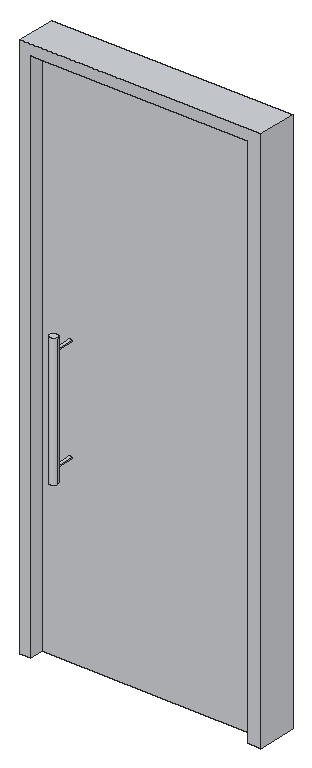
Revit family "Porta pivotante simples sem revestimento", category Portas, Revit 2019
Family settings
  Hospedeiro = Parede
  Número OmniClass = 23.30.10.00
  Título OmniClass = Doors
  Sempre na vertical = Sim
  Corte com vazios quando carregada = Não
  Compartilhado = Não
  Ponto de cálculo do ambiente = Não
Parameters (values of type "920 x 2100mm")
  Visual Light Transmittance = 0
  Espessura = 45 mm
  Solar Heat Gain Coefficient = 0
  Rough Width = Width  # 920 mm
  Rough Height = Height  # 2100 mm
  Largura do painel = Width - (Largura da estrutura - 10 mm) * 2  # 840 mm
  Sub-largura do painel = 120 mm
  Material do painel = none
  ID do tipo de construção = ""
  Coeficiente de transferência de calor (U) = 3.7021 W/(m²·K)
  Material do puxador = none
  Função = Exterior
  Height = 2100 mm
  Fechamento da parede = Por hospedeiro
  Width = 920 mm
  Largura da estrutura = 50 mm
  Largura da moldura média = Largura da estrutura - 10 mm  # 40 mm
  Material da moldura = none
  Construção analítica = Metal
Types (4, lengths in mm): name | Rough Width | Largura do painel | Width
  (no name) | 920 | 840 | 920
  820 x 2100mm | 820 | 740 | 820
  920 x 2100mm | 920 | 840 | 920
  1020 x 2100mm | 1020 | 940 | 1020
Reference planes
  plane 1 "Centro (Frente/Trás)": y = 0
  plane 2 "Centro (Esquerda/Direita)": x = 0
  plane 3 "Esquerda": x = -460
  plane 4 "Direita": x = 460
  plane 5: z = 2100
  plane 6 "Exterior": y = 75
  plane 7 "Interior": y = -75
  plane 8: z = 0
  plane 9: x = 420
  plane 10: y = 75
  plane 11: y = -75
  plane 12: x = 300
  plane 13: z = 1050
  plane 14: y = 22.5
  plane 15: y = -22.5
  plane 16: x = -420
  plane 17: z = 2060
  plane 18: x = -410
  plane 19: x = 410
  plane 20: x = -310
  plane 21: z = 2080
  plane 22: x = 440
  plane 23: x = -435
  plane 24: z = 900
Forms (mm)
  Extrusion 1, solid, material <- "Material do painel", detail levels medium+fine
    sketch origin (0, 0, 0) x (1, 0, 0) y (0, 1, 0)
      loop
        line (-420, 22.5) -> (-420, -22.5) -> (420, -22.5) -> (420, 22.5) -> (-420, 22.5)
    from 0 to 2060
  Sweep 2, solid, material <- "Material da moldura", detail levels fine
    path origin (0, 75, 0) x (1, 0, 0) y (0, 0, 1)
      loop
        line (-460, 2060) -> (-460, 0)
    profile origin (-460, 75, 1030) x (0, -1, 0) y (1, 0, 0)
      loop
        line (0, 50) -> (0, 0) -> (150, 0) -> (150, 40) -> (52.5, 40) -> (52.5, 50) -> (0, 50)
  Sweep 3, solid, material <- "Material da moldura", detail levels fine
    path origin (0, 75, 0) x (1, 0, 0) y (0, 0, 1)
      loop
        line (460, 0) -> (460, 2060)
    profile origin (460, 75, 1030) x (-1, 0, 0) y (0, -1, 0)
      loop
        line (0, 0) -> (40, 0) -> (40, 97.5) -> (50, 97.5) -> (50, 150) -> (0, 150) -> (0, 0)
  Sweep 4, solid, material <- "Material da moldura", detail levels fine
    path origin (0, 75, 0) x (1, 0, 0) y (0, 0, 1)
      loop
        line (460, 2100) -> (-460, 2100)
    profile origin (0, 75, 2100) x (0, 0, -1) y (0, -1, 0)
      loop
        line (0, 0) -> (40, 0) -> (40, 150) -> (0, 150) -> (0, 0)
  Extrusion 5, solid, material <- "Material do painel", detail levels coarse
    sketch origin (0, 0, 0) x (1, 0, 0) y (0, 1, 0)
      loop
        line (-460, 22.5) -> (-460, -22.5) -> (460, -22.5) -> (460, 22.5) -> (-460, 22.5)
    from 0 to 2100
  Sweep 6, solid, material <- "Material da moldura", detail levels medium
    path origin (0, 75, 0) x (1, 0, 0) y (0, 0, 1)
      loop
        line (-460, 0) -> (-460, 2100) -> (460, 2100) -> (460, 0)
    profile origin (460, 75, 1050) x (0, -1, 0) y (1, 0, 0)
      loop
        line (0, -40) -> (150, -40) -> (150, 0) -> (0, 0) -> (0, -40)
Cuts and joins
  joined: Sweep 2, Sweep 3, Sweep 4
Lines and regions (mm)
  Opening 1
    outline origin (-3050, -75, 0) x (1, 0, 0) y (0, 0, 1)
      loop
        line (2590, 0) -> (3510, 0) -> (3510, 2100) -> (2590, 2100) -> (2590, 0)
  symbolic lines, style "Doors", detail levels medium+fine
    curve 1: circle (300, 0, 0) r 10 normal (0, 0, 1)
  symbolic lines, style "Giro da elevação", detail levels medium+fine
    curve 2: line (420, 75, 1050) -> (300, 75, 0)
    curve 3: line (420, 75, 1050) -> (300, 75, 2060)
    curve 4: line (300, 75, 0) -> (-420, 75, 1050)
    curve 5: line (-420, 75, 1050) -> (300, 75, 2060)
  symbolic lines, style "Giro da elevação", detail levels coarse
    curve 6: line (300, 75, 2100) -> (-460, 75, 1050)
    curve 7: line (-460, 75, 1050) -> (300, 75, 0)
    curve 8: line (300, 75, 0) -> (460, 75, 1050)
    curve 9: line (460, 75, 1050) -> (300, 75, 2100)
Text (mm)
  text "Externo" at (-2295.016, 1099.543, 0), in view "Nível de referência"
  text "Externo" at (0, 1615.38, 3698.081), in view "Esquerda"
  text "Externo" at (0, 1036.032, 3874.932), in view "Direita"
Dimensions and locks
  equal spacing: plane 3 "Esquerda", plane 2 "Centro (Esquerda/Direita)", plane 4 "Direita"
  "Width": plane 3 "Esquerda" to plane 4 "Direita"
  "Height": plane 5 to host wall
  host wall to plane 5 = 2100 mm  (x2)
  locked: plane 6 "Exterior" to host wall at 0
  locked: plane 7 "Interior" to host wall
  equal spacing: level, plane 13, plane 5
  "Espessura": plane 14 to plane 15
  "Sub-largura do painel": plane 12 to plane 9
  "Largura da moldura média": plane 9 to plane 4 "Direita"
  "Largura da moldura média": plane 3 "Esquerda" to plane 16
  "Largura da moldura média": plane 17 to plane 5
  equal spacing: plane 14, plane 1 "Centro (Frente/Trás)", plane 15
  locked: plane 16 to plane 18 at 10
  plane 19 to plane 9 = 10 mm
  locked: plane 18 to plane 20 at 100
  equal spacing: plane 17, plane 21, plane 5
  equal spacing: plane 9, plane 22, plane 4 "Direita"
  equal spacing: plane 18, plane 23, plane 3 "Esquerda"
  locked: level to plane 24 at 900
  aligned and locked: plane 3 "Esquerda" to Opening 1 sketch curve
  aligned and locked: plane 5 to Opening 1 sketch curve  (x2)
  aligned and locked: Opening 1 sketch curve to plane 4 "Direita"
  aligned and locked: Opening 1 sketch curve to level
  aligned and locked: level to plane 8
  aligned and locked: plane 10 to host wall
  aligned and locked: plane 9 to nested 1
  aligned and locked: plane 9 to curve 3
  aligned and locked: plane 13 to curve 3
  aligned and locked: plane 7 "Interior" to plane 11
  aligned and locked: Extrusion 1 sketch curve to plane 14
  aligned and locked: plane 15 to Extrusion 1 sketch curve
  aligned and locked: plane 16 to Extrusion 1 sketch curve
  aligned and locked: Extrusion 1 sketch curve to plane 9
  aligned and locked: plane 17 to Extrusion 1
  aligned and locked: plane 1 "Centro (Frente/Trás)" to host wall
  aligned and locked: plane 17 to Sweep 2 sketch curve
  aligned and locked: plane 8 to Sweep 2 sketch curve
  aligned and locked: Sweep 2 sketch curve to plane 6 "Exterior"
  aligned and locked: plane 18 to Sweep 2 sketch curve
  aligned and locked: Sweep 2 sketch curve to plane 14
  aligned and locked: plane 16 to Sweep 2 sketch curve
  aligned and locked: plane 7 "Interior" to Sweep 2 sketch curve
  aligned and locked: plane 3 "Esquerda" to Sweep 2 sketch curve
  aligned and locked: plane 8 to Sweep 3 sketch curve
  aligned and locked: plane 17 to Sweep 3 sketch curve
  aligned and locked: plane 4 "Direita" to Sweep 3 sketch curve
  aligned and locked: Sweep 3 sketch curve to plane 6 "Exterior"
  aligned and locked: Sweep 3 sketch curve to plane 4 "Direita"
  aligned and locked: plane 7 "Interior" to Sweep 3 sketch curve
  aligned and locked: Sweep 3 sketch curve to plane 19
  aligned and locked: plane 15 to Sweep 3 sketch curve
  aligned and locked: Sweep 3 sketch curve to plane 9
  aligned and locked: plane 4 "Direita" to Sweep 4 sketch curve
  aligned and locked: plane 3 "Esquerda" to Sweep 4 sketch curve
  aligned and locked: plane 5 to Sweep 4 sketch curve  (x2)
  aligned and locked: Sweep 4 sketch curve to plane 7 "Interior"
  aligned and locked: plane 6 "Exterior" to Sweep 4 sketch curve
  aligned and locked: plane 17 to Sweep 4 sketch curve
  aligned and locked: plane 15 to nested 2
  aligned and locked: plane 20 to nested 2
  aligned and locked: plane 24 to nested 2
  aligned and locked: plane 17 to curve 5
  aligned and locked: plane 12 to curve 5
  aligned and locked: plane 13 to curve 5
  aligned and locked: plane 16 to curve 5
  aligned and locked: plane 12 to curve 2
  aligned and locked: plane 8 to curve 4
  aligned and locked: Extrusion 5 sketch curve to plane 14
  aligned and locked: Extrusion 5 sketch curve to plane 3 "Esquerda"
  aligned and locked: plane 15 to Extrusion 5 sketch curve
  aligned and locked: plane 4 "Direita" to Extrusion 5 sketch curve
  aligned and locked: Extrusion 5 to plane 8
  aligned and locked: Extrusion 5 to plane 5
  aligned and locked: plane 13 to curve 7
  aligned and locked: plane 3 "Esquerda" to curve 7
  aligned and locked: plane 13 to curve 9
  aligned and locked: plane 4 "Direita" to curve 9
  aligned and locked: plane 4 "Direita" to Sweep 6 sketch curve  (x2)
  aligned and locked: plane 5 to Sweep 6 sketch curve
  aligned and locked: plane 3 "Esquerda" to Sweep 6 sketch curve
  aligned and locked: Sweep 6 sketch curve to plane 10
  aligned and locked: plane 11 to Sweep 6 sketch curve
  aligned and locked: plane 9 to Sweep 6 sketch curve
Automatic sketch dimensions
  host wall to curve 1 = 0 mm
  curve 1 to plane 12 = 0 mm
  plane 3 "Esquerda" to Sweep 2 sketch curve = 0 mm
  curve 9 to plane 5 = 0 mm
  curve 9 to plane 12 = 0 mm
  Sweep 6 sketch curve to level = 0 mm
  Sweep 6 sketch curve to Sweep 6 sketch curve = 0 mm
  radius of curve 1 = 10 mm
Nested families
  nested 1: "Porta pivotante_Giro da planta 2" at (-640, 0, 0) x (-1, 0, 0) z (0, 0, 1), type "Porta pivotante_Giro da planta 2"
  nested 2: "Maçaneta da porta 4" at (-310, 0, 900), type "Altura 500 mm", detail levels fine
Definition of nested family "Maçaneta da porta 4"
  Parameters
    Espessura do painel = 45 mm
    Material do puxador = none
    Raio do puxador = 15 mm
    Altura do puxador = 500 mm
    Profundidade do puxador = 80 mm
    Raio do conector = 5 mm
    Altura do conector = Altura do puxador - 100 mm  # 400 mm
    Assembly Code = ""
  Reference planes
    plane 1 "Centro (Frente/Trás)": y = 0
    plane 2: z = 0
    plane 3 "Centro (Esquerda/Direita)": x = 0
    plane 4: z = 250
    plane 5: y = -102.5
    plane 6: z = -250
    plane 7: z = 200
    plane 8: z = -200
    plane 9: y = -22.5
    plane 10: y = 22.5
    plane 11: y = 102.5
  Forms (mm)
    Extrusion 1, solid, material <- "Material do puxador"
      sketch origin (0, -30.569, 0) x (1, 0, 0) y (0, 1, 0)
        loop
          circle (0, -71.931) r 15
      from -250 to 250
    Extrusion 2, solid, material <- "Material do puxador"
      sketch origin (0, 0, 0) x (1, 0, 0) y (0, 0, 1)
        loop
          circle (0, 200) r 5
        loop
          circle (0, -200) r 5
      from 22.5 to 102.5
    Extrusion 3, solid, material <- "Material do puxador"
      sketch origin (0, 0, 0) x (1, 0, 0) y (0, 0, -1)
        loop
          circle (0, -200) r 5
        loop
          circle (0, 200) r 5
      from 22.5 to 102.5
    Extrusion 4, solid, material <- "Material do puxador"
      sketch origin (0, 30.569, 0) x (1, 0, 0) y (0, 1, 0)
        loop
          circle (0, 71.931) r 15
      from -250 to 250
  Dimensions and locks
    equal spacing: plane 4, plane 2, plane 6
    "Altura do puxador": plane 4 to plane 6
    equal spacing: plane 7, plane 2, plane 8
    "Altura do conector": plane 7 to plane 8
    equal spacing: plane 9, plane 1 "Centro (Frente/Trás)", plane 10
    "Profundidade do puxador": plane 9 to plane 5
    "Profundidade do puxador": plane 10 to plane 11
    "Espessura do painel": plane 9 to plane 10
    "Raio do puxador": radius of Extrusion 1 sketch curve
    "Raio do conector": radius of Extrusion 2 sketch curve  (x2)
    "Raio do conector": radius of Extrusion 3 sketch curve  (x2)
    "Raio do puxador": radius of Extrusion 4 sketch curve
    aligned and locked: plane 6 to Extrusion 1
    aligned and locked: plane 4 to Extrusion 1
    aligned: Extrusion 2 to plane 5
    aligned and locked: Extrusion 2 to plane 5  (x2)
    aligned and locked: plane 9 to Extrusion 2
    aligned and locked: plane 5 to Extrusion 1 sketch curve
    aligned and locked: plane 3 "Centro (Esquerda/Direita)" to Extrusion 1 sketch curve
    aligned and locked: Extrusion 2 to plane 9  (x2)
    aligned and locked: plane 10 to Extrusion 3
    aligned and locked: Extrusion 3 to plane 11
    aligned and locked: plane 11 to Extrusion 4 sketch curve
    aligned and locked: plane 3 "Centro (Esquerda/Direita)" to Extrusion 4 sketch curve
    aligned and locked: plane 4 to Extrusion 4
    aligned and locked: plane 6 to Extrusion 4
  Automatic sketch dimensions
    Extrusion 2 sketch curve to plane 3 "Centro (Esquerda/Direita)" = 0 mm  (x2)
    Extrusion 2 sketch curve to plane 8 = 0 mm
    Extrusion 2 sketch curve to plane 7 = 0 mm
    Extrusion 3 sketch curve to plane 3 "Centro (Esquerda/Direita)" = 0 mm  (x2)
    Extrusion 3 sketch curve to plane 7 = 0 mm
    Extrusion 3 sketch curve to plane 8 = 0 mm
Definition of nested family "Porta pivotante_Giro da planta 2"
  Parameters
    Width = 2000 mm
    Thickness = 45 mm
    Rough Width = 2000 mm
    Rough Height = 2100 mm
    Largura do painel = 740 mm
    Sub-largura do painel = 120 mm
    Largura da moldura média = 40 mm
    Height = 2100 mm
  Reference planes
    plane 1 "Centro (Frente/Trás)": y = 0
    plane 2: z = 0
    plane 3 "Esquerda": x = 0
    plane 4: x = -962.5
    plane 5: x = -917.5
    plane 6: y = 620
    plane 7 "Centro (Esquerda/Direita)": x = -940
    plane 8: z = 2100
    plane 9: y = -120
    plane 10: x = -1060
    plane 11: y = 660
    plane 12: y = -160
    plane 13: x = -1100
    plane 14: x = -167.5
  Lines and regions (mm)
    Masking region 1, detail levels medium+fine
      outline origin (0, 0, 0) x (1, 0, 0) y (0, 1, 0)
        loop
          line (-962.5, 620) -> (-962.5, -120) -> (-917.5, -120) -> (-917.5, 620) -> (-962.5, 620)
    Masking region 2, detail levels coarse
      outline origin (0, 0, 0) x (1, 0, 0) y (0, 1, 0)
        loop
          line (-962.5, -160) -> (-917.5, -160) -> (-917.5, 660) -> (-962.5, 660) -> (-962.5, -160)
    symbolic lines, detail levels medium+fine
      curve 1: line (-962.5, -120, 0) -> (-962.5, 620, 0)
      curve 2: line (-917.5, 620, 0) -> (-917.5, -120, 0)
      curve 3: arc (-1060, 0, 0) -> (-1024.572, -84.687, 0) -> (-939.72, -119.717, 0) r 120.282
      curve 4: line (-967.5, 0, 0) -> (-912.5, 0, 0)
      curve 5: line (-940, 25, 0) -> (-940, -30, 0)
      curve 6: arc (-940, 620, 0) -> (-501.594, 438.406, 0) -> (-320, 0, 0) r 620
      curve 7: line (-962.5, -120, 0) -> (-917.5, -120, 0)
      curve 8: line (-962.5, 620, 0) -> (-917.5, 620, 0)
    model lines, detail levels fine
      curve 9: line (-1060, 0, 2100) -> (-1060, 0, 0)
    symbolic lines, detail levels coarse
      curve 10: line (-962.5, -160, 0) -> (-962.5, 660, 0)
      curve 11: line (-962.5, 660, 0) -> (-917.5, 660, 0)
      curve 12: line (-917.5, 660, 0) -> (-917.5, -160, 0)
      curve 13: line (-917.5, -160, 0) -> (-962.5, -160, 0)
      curve 14: arc (-940, -160, 0) -> (-1053.137, -113.137, 0) -> (-1100, 0, 0) r 160
      curve 15: arc (-940, 660, 0) -> (-473.31, 466.69, 0) -> (-280, 0, 0) r 660
  Dimensions and locks
    equal spacing: plane 4, plane 7 "Centro (Esquerda/Direita)", plane 5
    "Height": plane 8 to plane 2
    "Largura do painel": plane 6 to plane 9
    "Sub-largura do painel": plane 9 to plane 1 "Centro (Frente/Trás)"
    "Thickness": plane 4 to plane 5
    "Sub-largura do painel": plane 10 to plane 7 "Centro (Esquerda/Direita)"
    "Largura da moldura média": plane 11 to plane 6
    "Largura da moldura média": plane 9 to plane 12
    "Largura da moldura média": plane 13 to plane 10
    aligned and locked: level to plane 2
    aligned and locked: curve 2 to plane 5
    aligned and locked: curve 1 to plane 4
    aligned and locked: curve 1 to curve 1
    aligned and locked: plane 10 to curve 3
    aligned and locked: plane 1 "Centro (Frente/Trás)" to curve 3
    aligned and locked: plane 1 "Centro (Frente/Trás)" to curve 4
    aligned and locked: plane 7 "Centro (Esquerda/Direita)" to curve 5
    aligned and locked: plane 1 "Centro (Frente/Trás)" to curve 6
    aligned and locked: plane 7 "Centro (Esquerda/Direita)" to curve 6
    aligned and locked: Masking region 1 sketch curve to plane 6
    aligned and locked: Masking region 1 sketch curve to plane 4
    aligned and locked: plane 9 to Masking region 1 sketch curve
    aligned and locked: Masking region 1 sketch curve to plane 5
    aligned and locked: curve 7 to plane 9
    aligned and locked: curve 8 to plane 6
    aligned and locked: plane 8 to curve 9
    aligned and locked: plane 10 to curve 9
    aligned and locked: Masking region 1 to plane 4
    aligned and locked: Masking region 1 to plane 9
    aligned and locked: plane 5 to Masking region 1
    aligned and locked: plane 6 to Masking region 1
    aligned and locked: curve 10 to plane 4
    aligned and locked: curve 12 to plane 5
    aligned and locked: curve 11 to plane 11
    aligned and locked: plane 12 to curve 13
    aligned and locked: plane 13 to curve 14
    aligned and locked: plane 1 "Centro (Frente/Trás)" to curve 15
    aligned and locked: plane 7 "Centro (Esquerda/Direita)" to curve 15
    aligned and locked: plane 11 to curve 15
    aligned and locked: plane 12 to curve 14
    aligned and locked: plane 7 "Centro (Esquerda/Direita)" to curve 14
    aligned and locked: plane 1 "Centro (Frente/Trás)" to curve 14
    aligned and locked: Masking region 2 sketch curve to plane 4
    aligned and locked: Masking region 2 sketch curve to plane 12
    aligned and locked: Masking region 2 sketch curve to plane 5
    aligned and locked: Masking region 2 sketch curve to plane 11
  Automatic sketch dimensions
    curve 9 to level = 0 mm
    plane 4 to curve 4 = 5 mm
    curve 3 to plane 7 "Centro (Esquerda/Direita)" = 0.28 mm
    plane 5 to curve 4 = 5 mm
    plane 9 to curve 3 = 0.283 mm
    curve 5 to curve 6 = 30 mm
    curve 3 to curve 5 = 24.435 mm
